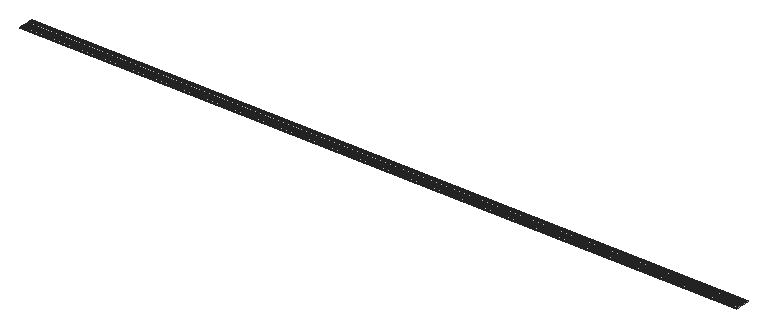
Revit family "RT300", category Generic Models, Revit 2020
Family settings
  Can host rebar = No
  Round Connector Dimension = Use Diameter
  Part Type = Normal
  Work Plane-Based = Yes
  Always vertical = No
  Cut with Voids When Loaded = No
  Shared = No
  Room Calculation Point = No
Parameters (values of type "NBS Standard Parameters")
  Weight = "20.8kg"
  WarrantyStartDate [instance] = ""
  WarrantyGuarantorParts = "12 Months"
  WarrantyGuarantorLabor = "n/a"
  WarrantyDurationUnit = "12 Months"
  WarrantyDurationParts = "n/a"
  WarrantyDurationLabor = "n/a"
  WarrantyDescription = "n/a"
  Version = "1"
  Uniclass2 = "Pr_65_70_11_17"
  URL = "www.metpro.co.uk"
  TagNumber [instance] = "n/a"
  SustainabilityPerformance = ""
  Size = "300mm"
  Shape = "Flat"
  SerialNumber [instance] = "n/a"
  Revision = "n/a"
  ReplacementCost = "n/a"
  ProductInformation = "www.metpro.co.uk/pdf/RT300.pdf"
  NominalWidth = 300 mm
  NominalLength = 15000 mm
  NominalHeight = 3.9 mm
  Name = "RT300 - Rollatray"
  NBSTypeID = ""
  NBSReference = "90-55-10/335"
  NBSOfficeMasterTag = ""
  NBSNote = ""
  NBSDescription = "Cable Tray"
  NBSCertification = ""
  ModelReference = "Cable Tray"
  ModelNumber = "RT300"
  Material = "Steel"
  ManufacturerURL = "www.metpro.co.uk"
  ManufacturerName = "Metpro ltd"
  Manufacturer = "Metpro Ltd"
  Keynote = ""
  InstallationDate [instance] = ""
  IfcExportType = ""
  IfcExportAs = ""
  Grade = "n/a"
  Finish = "Pre-Galvanised, dry oil to touch"
  Features = "n/a"
  ExpectedLife = "n/a"
  DurationUnit = "1 Year"
  Description = "RT300 - 300mm Rollatray"
  Default Elevation = 1219.2 mm
  Constituents = "n/a"
  Color = "Grey"
  CodePerformance = "n/a"
  Category = "n/a"
  BarCode [instance] = "n/a"
  BIMObjectName = "Metpro_Metprolibrary_Cabletray_General"
  Author = "Metpro"
  AssetType = ""
  AssetIdentifier [instance] = "n/a"
  AccessibilityPerformance = "n/a"
Reference planes
  plane 1 "Center (Front/Back)": y = 0
  plane 2: z = -49.367
  plane 3 "Center (Left/Right)": x = 0
Forms (mm)
  Extrusion 1, solid
    sketch origin (-3.322, 99.234, -24.021) x (0, 0, 1) y (0, 1, 0)
      loop
        line (27.321, 165.524) -> (27.321, -134.476) -> (28.321, -134.476) -> (28.321, -113.476) -> (31.221, -113.476) -> (31.221, -95.476) -> (28.321, -95.476) -> (28.321, -53.476) -> (31.221, -53.476) -> (31.221, -35.476) -> (28.321, -35.476) -> (28.321, 6.524) -> (31.221, 6.524) -> (31.221, 24.524) -> (28.321, 24.524) -> (28.321, 66.524) -> (31.221, 66.524) -> (31.221, 84.524) -> (28.321, 84.524) -> (28.321, 126.524) -> (31.221, 126.524) -> (31.221, 144.524) -> (28.321, 144.524) -> (28.321, 165.524) -> (27.321, 165.524)
    from 0 to 15000
Dimensions and locks
  aligned and locked: level to plane 2
